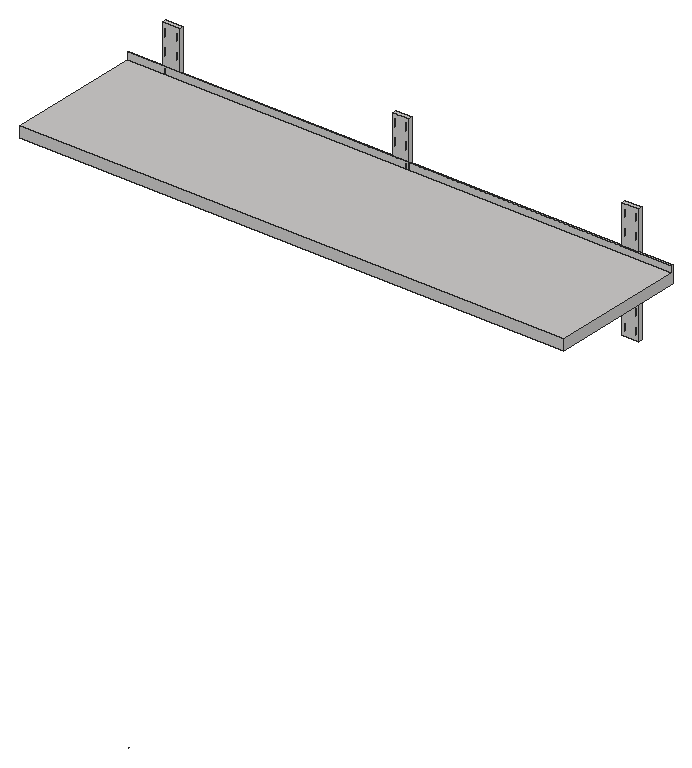
Revit family "QF_ELECTROLUXPROFESSIONAL_134151_GGWSS164", category Attrezzature speciali, Revit 2020
Family settings
  Quota connettore circolare = Usa diametro
  Tipo di parte = Normale
  Basato su piano di lavoro = No
  Sempre verticale = Sì
  Taglio con vuoti quando caricato = No
  Condiviso = No
  Punto di calcolo locali = No
Parameters (values of type "Standard")
  Weight = 9.50 kg
  Watts = 0 W
  Volts = 0 V
  URL Manufacturer = "https://www.electroluxprofessional.com/"
  URL = "https://www.electroluxprofessional.com/"
  Steam Supply Size = 0 mm
  Steam Supply Minimum Pressure = 0.0 Pa
  Steam Supply Maximum Pressure = 0.0 Pa
  Steam Consumption per Hour = 0
  Refrigeration Suction Line Size = 0.0 mm
  Refrigeration Liquid Line Size = 0.0 mm
  Refrigerant Compressor Remote = yes
  Prospetto di default = 0.0 mm
  Phase = 0
  Modello = "GGWSS164"
  Produttore = "Electrolux Professional"
  Length Actual = 1600.0 mm  # constant formula
  Item Number = "134151"
  Hot Water Size = 0 mm
  Height Actual = 350.0 mm  # constant formula
  HP = "0 HP"
  Gas Size = 0 mm
  Gas KW = 0
  Gas Input Pressure = 0 W
  Direct Waste Size = 0 mm
  Descrizione = "SOLID WALL SHELF WITH BRACKETS 1600 MM"
  Depth Actual = 415.0 mm  # constant formula
  Cycle = 0 Hz
  Condensate Return Size = 0 mm
  Compressed Air Volume = 0.0 L/s
  Compressed Air Size = 0 mm
  Compressed Air Pressure = 0.0 Pa
  Cold Water Size = 0 mm
  Accessory = yes
Reference planes
  plane 1 "Center (Front/Back)": y = 0
  plane 2: z = 0
  plane 3 "Center (Left/Right)": x = 0
  plane 4 "LEFT": x = -800
  plane 5 "RIGHT": x = 800
  plane 6 "BACK": y = 65
  plane 7 "FRONT": y = -350
  plane 8 "TOP": z = 1948
  plane 9 "base": z = 1598
  plane 10 "Ztop": z = 1815
  plane 11: x = -700
  plane 12: x = 700
Forms (mm)
  Extrusion 1, solid, material "QF_Finishes_Stainless Steel"
    sketch origin (0, 0, 0) x (0, 1, 0) y (0, 0, 1)
      loop
        line (53, 1785) -> (53, 1835) -> (51, 1835) -> (51, 1815) -> (-347.004, 1815) -> (-347.004, 1785) -> (53, 1785)
    from 800 to -800
  Extrusion 2, solid, material "QF_Finishes_Stainless Steel"
    sketch origin (0, 0, 0) x (1, 0, 0) y (0, 1, 0)
      loop
        line (-800, 53) -> (-800, 52) -> (-798.993, 52) -> (-798.993, 53) -> (-800, 53)
    from 0 to 1
Lines and regions (mm)
  symbolic lines
    curve 1: line (-800, 53, 1948) -> (-800, -347.004, 1948)
    curve 2: line (800, 53, 1948) -> (800, -347.004, 1948)
    curve 3: line (-800, 51, 1948) -> (800, 51, 1948)
    curve 4: line (800, 53, 1948) -> (-800, 53, 1948)
    curve 5: line (-800, -347.004, 1948) -> (800, -347.004, 1948)
Dimensions and locks
  plane 4 "LEFT" to plane 5 "RIGHT" = 1600.0 mm
  equal spacing: plane 4 "LEFT", plane 3 "Center (Left/Right)", plane 5 "RIGHT"
  plane 6 "BACK" to plane 7 "FRONT" = 415.0 mm
  plane 6 "BACK" to plane 1 "Center (Front/Back)" to plane 7 "FRONT" = 65.0 mm, 350.0 mm
  locked: plane 8 "TOP" to plane 9 "base" at 350
  plane 10 "Ztop" to level = 1815.0 mm
  locked: plane 10 "Ztop" to plane 8 "TOP" at 133
  locked: plane 11 to plane 4 "LEFT" at 100
  locked: plane 5 "RIGHT" to plane 12 at 100
  aligned and locked: level to plane 2
  aligned and locked: Extrusion 1 to plane 4 "LEFT"
  aligned and locked: plane 5 "RIGHT" to Extrusion 1
  aligned and locked: nested 1 to plane 11
  aligned and locked: plane 12 to nested 2
  aligned and locked: curve 3 to Extrusion 1
  aligned and locked: curve 4 to Extrusion 1
  aligned and locked: curve 5 to Extrusion 1
  aligned and locked: plane 3 "Center (Left/Right)" to nested 3
Automatic sketch dimensions
  plane 7 "FRONT" to Extrusion 1 sketch curve = 2.996 mm
  plane 10 "Ztop" to Extrusion 1 sketch curve = 30.0 mm
  Extrusion 1 sketch curve to plane 10 "Ztop" = 20.0 mm
  Extrusion 1 sketch curve to Extrusion 1 sketch curve = 2.0 mm
  plane 10 "Ztop" to Extrusion 1 sketch curve = 0.0 mm
  Extrusion 1 sketch curve to plane 6 "BACK" = 12.0 mm
  curve 2 to plane 5 "RIGHT" = 0.0 mm
  curve 1 to plane 4 "LEFT" = 0.0 mm
  Extrusion 2 sketch curve to plane 4 "LEFT" = 0.0 mm
  plane 4 "LEFT" to Extrusion 2 sketch curve = 1.007 mm
  Extrusion 2 sketch curve to plane 6 "BACK" = 13.0 mm
  Extrusion 2 sketch curve to Extrusion 2 sketch curve = 1.0 mm
Nested families
  nested 1: "WT_Staffa_H350" at (-685.291, -40.275, 1598), type "WT_Staffa_H350"
    with Type Mark "", Status "", Specification by User "", Revision Code "", Installed By "", Identify Quantity as Lot yes, Furnished By "", Foodservice Equipment Identifier yes
  nested 2: "WT_Staffa_H350" at (665.709, -40.275, 1598), type "WT_Staffa_H350"
    with Type Mark "", Status "", Specification by User "", Revision Code "", Installed By "", Identify Quantity as Lot yes, Furnished By "", Foodservice Equipment Identifier yes
  nested 3: "WT_Staffa_H350" at (-9.791, -40.275, 1598), type "WT_Staffa_H350"
    with Type Mark "", Status "", Specification by User "", Revision Code "", Installed By "", Identify Quantity as Lot yes, Furnished By "", Foodservice Equipment Identifier yes
Definition of nested family "WT_Staffa_H350"
  Parameters
    Width = 49.0 mm
    Weight = ""
    URL Manufacturer = ""
    URL Cutsheet = ""
    URL = ""
    Type Mark [instance] = ""
    Status [instance] = ""
    Specification by User [instance] = ""
    Specification by Manufacturer = ""
    Serial Number = ""
    Seismic Rating = ""
    SMACNA No = ""
    Revision Code [instance] = ""
    Default Elevation = 0.0 mm
    Omniclass Number and Title = ""
    NAFEM Spec ID Number = ""
    Model = ""
    MasterSpec. = ""
    Manufacturer = ""
    Installed By [instance] = ""
    Identify Quantity as Lot [instance] = yes
    Height = 350.0 mm
    Furnished By [instance] = ""
    Foodservice Equipment Identifier [instance] = yes
    Description = ""
    Depth = 415.0 mm
    CSI MasterFormat = ""
    CSI Master Format = ""
    Assembly Code = ""
  Reference planes
    plane 1: z = 0
    plane 2 "Center (Front/Back)": y = -102.225
    plane 3 "Center (Left/Right)": x = 9.791
    plane 4 "TOP": z = 350
    plane 5 "Back": y = 105.275
    plane 6 "Front": y = -309.725
    plane 7: x = -14.709
    plane 8: x = 34.291
  Forms (mm)
    Extrusion 1, solid
      sketch origin (0, 105.275, 0) x (0, 0, 1) y (-1, 0, 0)
        loop
          line (350, 14.709) -> (0, 14.709) -> (0, -34.291) -> (350, -34.291) -> (350, 14.709)
        loop
          line (335.5, 7.709) -> (315.5, 7.709) -> (315.5, 5.709) -> (335.5, 5.709) -> (335.5, 7.709)
        loop
          line (335.5, -25.291) -> (315.5, -25.291) -> (315.5, -27.291) -> (335.5, -27.291) -> (335.5, -25.291)
        loop
          line (285.333, 7.709) -> (265.333, 7.709) -> (265.333, 5.709) -> (285.333, 5.709) -> (285.333, 7.709)
        loop
          line (285.333, -25.291) -> (265.333, -25.291) -> (265.333, -27.291) -> (285.333, -27.291) -> (285.333, -25.291)
        loop
          line (235.167, 7.709) -> (215.167, 7.709) -> (215.167, 5.709) -> (235.167, 5.709) -> (235.167, 7.709)
        loop
          line (235.167, -25.291) -> (215.167, -25.291) -> (215.167, -27.291) -> (235.167, -27.291) -> (235.167, -25.291)
        loop
          line (185, 7.709) -> (165, 7.709) -> (165, 5.709) -> (185, 5.709) -> (185, 7.709)
        loop
          line (185, -25.291) -> (165, -25.291) -> (165, -27.291) -> (185, -27.291) -> (185, -25.291)
        loop
          line (134.833, 7.709) -> (114.833, 7.709) -> (114.833, 5.709) -> (134.833, 5.709) -> (134.833, 7.709)
        loop
          line (134.833, -25.291) -> (114.833, -25.291) -> (114.833, -27.291) -> (134.833, -27.291) -> (134.833, -25.291)
        loop
          line (34.5, 7.709) -> (14.5, 7.709) -> (14.5, 5.709) -> (34.5, 5.709) -> (34.5, 7.709)
        loop
          line (34.5, -25.291) -> (14.5, -25.291) -> (14.5, -27.291) -> (34.5, -27.291) -> (34.5, -25.291)
        loop
          line (84.667, 7.709) -> (64.667, 7.709) -> (64.667, 5.709) -> (84.667, 5.709) -> (84.667, 7.709)
        loop
          line (84.667, -25.291) -> (64.667, -25.291) -> (64.667, -27.291) -> (84.667, -27.291) -> (84.667, -25.291)
      from 0 to 12
    Extrusion 2, solid
      sketch origin (9.791, 0, 0) x (0, 1, 0) y (0, 0, 1)
        loop
          line (-283.619, 186) -> (93.275, 123.5) -> (93.275, 186) -> (-283.619, 186)
      from -24.5 to 24.5
  Lines and regions (mm)
    symbolic lines
      curve 1: line (-14.709, 105.275, 0) -> (34.291, 105.275, 0)
      curve 2: line (34.291, 105.275, 0) -> (34.291, 93.275, 0)
      curve 3: line (34.291, 93.275, 0) -> (-14.709, 93.275, 0)
      curve 4: line (-14.709, 93.275, 0) -> (-14.709, 105.275, 0)
  Dimensions and locks
    "Height": plane 4 "TOP" to level
    equal spacing: plane 5 "Back", plane 2 "Center (Front/Back)", plane 6 "Front"
    "Depth": plane 5 "Back" to plane 6 "Front"
    equal spacing: plane 8, plane 3 "Center (Left/Right)", plane 7
    "Width": plane 8 to plane 7
    aligned and locked: level to plane 1
    aligned and locked: Extrusion 2 to plane 7
    aligned and locked: plane 8 to Extrusion 2
  Automatic sketch dimensions
    Extrusion 1 sketch curve to level = 0.0 mm
    Extrusion 1 sketch curve to plane 4 "TOP" = 0.0 mm
    Extrusion 1 sketch curve to plane 8 = 0.0 mm
    Extrusion 1 sketch curve to plane 7 = 0.0 mm
    plane 7 to Extrusion 1 sketch curve = 7.0 mm  (x4)
    level to Extrusion 1 sketch curve = 14.5 mm  (x2)
    Extrusion 1 sketch curve to plane 8 = 7.0 mm  (x6)
    plane 7 to Extrusion 1 sketch curve = 9.0 mm  (x6)
    Extrusion 1 sketch curve to Extrusion 1 sketch curve = 20.0 mm  (x12)
    Extrusion 1 sketch curve to plane 8 = 9.0 mm  (x6)
    Extrusion 1 sketch curve to Extrusion 1 sketch curve = 30.167 mm  (x12)
    Extrusion 1 sketch curve to plane 4 "TOP" = 14.5 mm  (x2)
    Extrusion 1 sketch curve to Extrusion 1 sketch curve = 2.0 mm  (x6)
    Extrusion 2 sketch curve to plane 6 "Front" = 26.106 mm
    level to Extrusion 2 sketch curve = 123.5 mm
    Extrusion 2 sketch curve to plane 4 "TOP" = 164.0 mm
    plane 5 "Back" to Extrusion 2 sketch curve = 12.0 mm
    curve 3 to plane 7 = 0.0 mm
    plane 5 "Back" to curve 1 = 0.0 mm
    curve 3 to plane 8 = 0.0 mm
    curve 2 to curve 1 = 12.0 mm
